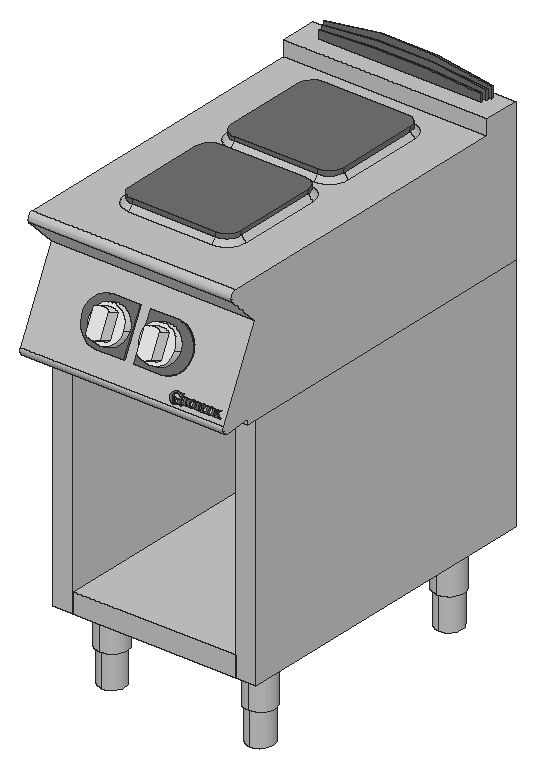
Revit family "QF_GIORIK_CE72QG", category Specialty Equipment, Revit 2014
Parameters (values of type "CE72QG")
  Weight in Pounds = 132.2772
  Watts = 5200 W
  Volts = 400 V
  URL Cutsheet = "www.giorik.com"
  URL = "www.giorik.com"
  Status [instance] = ""
  Specification by User [instance] = ""
  Specification by Manufacturer = ""
  Show Logo [instance] = yes
  Show Clearance [instance] = yes
  Serial Number = ""
  Seismic Rating = ""
  SMACNA No = ""
  Revision Code [instance] = ""
  Phase = 3
  Number of Poles [instance] = 3
  NAFEM Spec ID Number = ""
  Model = "CE72QG"
  Min Ckt Ampacity = 0 A
  Max Overcurrent Protection = 0 A
  Masterspec = ""
  Manufacturer = "GIORIK"
  Item Number [instance] = ""
  Installed By [instance] = ""
  Identify Quantity as Lot [instance] = no
  HP = "6.973304000000"
  Furnished By [instance] = ""
  Foodservice Equipment Identifier [instance] = yes
  FL Amps = 0 A
  Electrical Remarks [instance] = ""
  Electric Connection Type [instance] = ""
  Elec Conn RI Height [instance] = 0 mm
  Elec Conn Connection Height [instance] = 150 mm
  Description = "2 ELECTRIC SQUARE PLATE HOB ON OPEN BASE UNIT"
  Cycle = 50 Hz
  Conn Plug = ""
  CSI MasterFormat = ""
  Assembly Code = "E1090320"
  Apparent Power = 5200 VA
Reference planes
  plane 1 "Back": y = 0
  plane 2: z = 0
  plane 3 "Left": x = 0
  plane 4 "Right": x = 400
  plane 5 "Front": y = -720
  plane 6 "Top": z = 900
Forms (mm)
  Extrusion 1, solid, visible <- "Show Logo"
    sketch origin (196.604, -736.761, 609.486) x (-1, 0, 0) y (0, 0.452718, 0.891654)
      loop
        line (-118.824, 58.358) -> (-127.804, 58.358) -> (-125.523, 56.445) -> (-125.523, 48.027) -> (-127.804, 46.113) -> (-118.824, 46.113) -> (-121.105, 48.027) -> (-121.105, 56.445) -> (-118.824, 58.358)
      loop
        line (-163.721, 58.358) -> (-172.7, 58.358) -> (-170.42, 56.445) -> (-170.42, 48.027) -> (-172.7, 46.113) -> (-163.721, 46.113) -> (-166.001, 48.027) -> (-166.001, 56.445) -> (-163.721, 58.358)
      loop
        line (-174.332, 58.358) -> (-183.312, 58.358) -> (-181.031, 56.445) -> (-181.031, 52.435) -> (-186.419, 56.955) -> (-184.416, 58.358) -> (-191.268, 58.358) -> (-188.01, 56.839) -> (-185.455, 54.283) -> (-190.846, 47.858) -> (-193.396, 46.93) -> (-193.396, 46.113) -> (-184.416, 46.113) -> (-185.437, 47.571) -> (-182.443, 51.552) -> (-181.031, 50.894) -> (-181.031, 48.027) -> (-183.312, 46.113) -> (-174.332, 46.113) -> (-176.613, 48.027) -> (-176.613, 56.445) -> (-174.332, 58.358)
      loop
        line (-115.429, 62.063) -> (-115.429, 54.198)
        arc (-115.429, 54.198) -> (-111.618, 57.803) -> (-106.847, 59.986) r 16.039
        arc (-106.847, 59.986) -> (-103.314, 59.837) -> (-100.512, 57.68) r 5.851
        arc (-100.512, 57.68) -> (-98.815, 52.267) -> (-100.512, 46.853) r 9.479
        arc (-100.512, 46.853) -> (-102.406, 44.986) -> (-104.846, 43.93) r 7.236
        arc (-104.846, 43.93) -> (-107.728, 44.111) -> (-110.052, 45.825) r 5.11
        line (-110.052, 45.825) -> (-110.052, 52.001) -> (-116.141, 52.001) -> (-116.141, 45.503) -> (-117.893, 43.751) -> (-114.094, 44.769)
        arc (-114.094, 44.769) -> (-112.56, 44.947) -> (-111.129, 44.366) r 3.115
        arc (-111.129, 44.366) -> (-104.216, 42.091) -> (-97.303, 44.366) r 11.641
        arc (-97.303, 44.366) -> (-93.396, 52.107) -> (-97.303, 59.849) r 9.622
        arc (-97.303, 59.849) -> (-104.369, 62.174) -> (-111.435, 59.849) r 11.898
        line (-111.435, 59.849) -> (-115.429, 62.063)
      loop
        arc (-129.234, 56.068) -> (-135.893, 58.628) -> (-142.552, 56.068) r 9.941
        arc (-142.552, 56.068) -> (-144.234, 52.286) -> (-142.552, 48.505) r 5.093
        arc (-142.552, 48.505) -> (-135.893, 45.945) -> (-129.234, 48.505) r 9.941
        arc (-129.234, 48.505) -> (-127.552, 52.286) -> (-129.234, 56.068) r 5.093
      loop
        arc (-132.628, 54.403) -> (-135.893, 57.668) -> (-139.158, 54.403) r 3.265
        line (-139.158, 54.403) -> (-139.158, 50.169)
        arc (-139.158, 50.169) -> (-135.893, 46.904) -> (-132.628, 50.169) r 3.265
        line (-132.628, 50.169) -> (-132.628, 54.403)
      loop
        arc (-156.363, 58.365) -> (-159.647, 55.081) -> (-156.363, 51.796) r 3.285
        line (-156.363, 51.796) -> (-159.529, 47.306) -> (-162.087, 46.113) -> (-155.847, 46.113) -> (-153.529, 51.083) -> (-150.637, 51.083) -> (-150.637, 47.784) -> (-153.022, 46.113) -> (-144.011, 46.113) -> (-146.094, 47.68) -> (-146.094, 56.493) -> (-144.229, 58.365) -> (-156.363, 58.365)
      loop
        line (-150.637, 57.512) -> (-153.637, 57.512)
        arc (-153.637, 57.512) -> (-156.237, 54.912) -> (-153.637, 52.312) r 2.6
        line (-153.637, 52.312) -> (-150.637, 52.312) -> (-150.637, 57.512)
      loop
        line (-108.924, 52.001) -> (-104.936, 49.005) -> (-100.948, 52.001) -> (-108.924, 52.001)
    from 1.5 to -0.5
  Extrusion 2, solid
    sketch origin (-16, 1025.81, 0) x (1, 0, 0) y (0, 1, 0)
      loop
        line (25, -1086.81) -> (25, -1156.81) -> (115, -1156.81) -> (115, -1086.81) -> (25, -1086.81)
    from 148 to 150
  Extrusion 3, solid
    sketch origin (-4, 0, 130) x (1, 0, 0) y (0, 1, 0)
      loop
        circle (54, -385) r 12.5
    from 0 to 20
  Extrusion 4, solid
    sketch origin (0, 1000, -20) x (0, 1, 0) y (0, 0, 1)
      loop
        line (-1000, 919.988) -> (-1070, 919.988) -> (-1070, 889.988) -> (-1688.806, 889.988)
        arc (-1688.806, 889.988) -> (-1699.151, 883.075) -> (-1696.724, 870.873) r 11.197
        line (-1696.724, 870.873) -> (-1640.876, 815.025) -> (-1718.948, 661.258)
        arc (-1718.948, 661.258) -> (-1718.233, 650.105) -> (-1708.118, 645.354) r 10.981
        line (-1708.118, 645.354) -> (-1660, 649.925) -> (-1660, 640) -> (-1000, 640) -> (-1000, 919.988)
    from 0 to 400
  Extrusion 5, solid
    sketch origin (0, 0, 599.536) x (1, 0, 0) y (0, 1, 0)
      loop
        line (0, -640) -> (40, -640) -> (40, -40) -> (360, -40) -> (360, -640) -> (400, -640) -> (400, 0) -> (0, 0) -> (0, -640)
    from -449.536 to 20.464
  Extrusion 6, solid
    sketch origin (0, 0, 0) x (1, 0, 0) y (0, 1, 0)
      loop
        line (40, -40) -> (40, -640) -> (360, -640) -> (360, -40) -> (40, -40)
    from 150 to 190
  Extrusion 7, solid
    sketch origin (-16, 560.81, 0) x (1, 0, 0) y (0, 1, 0)
      loop
        line (25, -1086.81) -> (25, -1156.81) -> (115, -1156.81) -> (115, -1086.81) -> (25, -1086.81)
    from 148 to 150
  Revolve 8, solid
    sketch origin (54, 560.81, 0) x (0, 1, 0) y (0, 0, 1)
      loop
        line (-1092.56, 66) -> (-1092.56, 148) -> (-1121.81, 148) -> (-1121.81, 0) -> (-1096.81, 0) -> (-1096.81, 66) -> (-1092.56, 66)
      axis (-1121.81, 0) -> (-1121.81, 148)
    angle from 0 to 360
  Revolve 9, solid
    sketch origin (54, 1025.81, 0) x (0, 1, 0) y (0, 0, 1)
      loop
        line (-1092.56, 66) -> (-1092.56, 148) -> (-1121.81, 148) -> (-1121.81, 0) -> (-1096.81, 0) -> (-1096.81, 66) -> (-1092.56, 66)
      axis (-1121.81, 0) -> (-1121.81, 148)
    angle from 0 to 360
  Extrusion 10, solid
    sketch origin (416, 560.81, 0) x (-1, 0, 0) y (0, -1, 0)
      loop
        line (25, 1086.81) -> (115, 1086.81) -> (115, 1156.81) -> (25, 1156.81) -> (25, 1086.81)
    from 148 to 150
  Revolve 11, solid
    sketch origin (346, 560.81, 0) x (0, 1, 0) y (0, 0, -1)
      loop
        line (-1092.56, -66) -> (-1096.81, -66) -> (-1096.81, 0) -> (-1121.81, 0) -> (-1121.81, -148) -> (-1092.56, -148) -> (-1092.56, -66)
      axis (-1121.81, 0) -> (-1121.81, -148)
    angle from 0 to 360
  Extrusion 12, solid
    sketch origin (416, -1217.81, 0) x (-1, 0, 0) y (0, -1, 0)
      loop
        line (25, -1086.81) -> (25, -1156.81) -> (115, -1156.81) -> (115, -1086.81) -> (25, -1086.81)
    from 148 to 150
  Revolve 13, solid
    sketch origin (346, -1217.81, 0) x (0, -1, 0) y (0, 0, 1)
      loop
        line (-1092.56, 66) -> (-1092.56, 148) -> (-1121.81, 148) -> (-1121.81, 0) -> (-1096.81, 0) -> (-1096.81, 66) -> (-1092.56, 66)
      axis (-1121.81, 0) -> (-1121.81, 148)
    angle from 0 to 360
  Extrusion 14, solid
    sketch origin (-273.221, -963.345, 52.363) x (1, 0, 0) y (0, 0.452718, 0.891654)
      loop
        line (463.221, 676.25) -> (463.221, 766.25) -> (409.698, 766.25)
        arc (409.698, 766.25) -> (364.698, 721.25) -> (409.698, 676.25) r 45
        line (409.698, 676.25) -> (463.221, 676.25)
    from 48 to 50
  Extrusion 15, solid
    sketch origin (501.331, -1008.697, 74.959) x (-1, 0, 0) y (0, -0.45351, -0.891251)
      loop
        circle (351.331, -721.346) r 35
    from 0 to 15
  Extrusion 16, solid
    sketch origin (501.331, -1008.697, 74.959) x (-1, 0, 0) y (0, -0.45351, -0.891251)
      loop
        arc (336.331, -743.846) -> (351.331, -748.846) -> (366.331, -743.846) r 25
        line (366.331, -743.846) -> (366.331, -698.846)
        arc (366.331, -698.846) -> (351.331, -693.846) -> (336.331, -698.846) r 25
        line (336.331, -698.846) -> (336.331, -743.846)
    from 15 to 40
  Extrusion 17, solid
    sketch origin (-94, 0, -10.001) x (1, 0, 0) y (0, 0, 1)
      loop
        line (135, 909.989) -> (453, 909.989) -> (453, 925.527) -> (347.056, 931.749) -> (240.944, 931.749) -> (135, 925.527) -> (135, 909.989)
    from 32 to 35
  Extrusion 18, solid
    sketch origin (-92, 10, -10.001) x (1, 0, 0) y (0, 0, 1)
      loop
        line (454, 909.989) -> (454, 928.527) -> (346.162, 939.193) -> (237.838, 939.193) -> (130, 928.527) -> (130, 909.989) -> (454, 909.989)
    from 32 to 35
  Extrusion 19, solid
    sketch origin (-90, 20, -10.001) x (1, 0, 0) y (0, 0, 1)
      loop
        line (455, 909.989) -> (455, 930.527) -> (345.396, 947.413) -> (234.604, 947.413) -> (125, 930.527) -> (125, 909.989) -> (455, 909.989)
    from 32 to 35
  Extrusion 20, solid
    sketch origin (673.255, -963.345, 52.363) x (-1, 0, 0) y (0, -0.452718, -0.891654)
      loop
        line (463.221, -676.25) -> (409.698, -676.25)
        arc (409.698, -676.25) -> (364.698, -721.25) -> (409.698, -766.25) r 45
        line (409.698, -766.25) -> (463.221, -766.25) -> (463.221, -676.25)
    from 48 to 50
  Extrusion 21, solid
    sketch origin (-101.297, -1008.697, 74.959) x (1, 0, 0) y (0, 0.45351, 0.891251)
      loop
        circle (351.331, 721.346) r 35
    from 0 to 15
  Extrusion 22, solid
    sketch origin (-101.297, -1008.697, 74.959) x (1, 0, 0) y (0, 0.45351, 0.891251)
      loop
        line (336.331, 743.846) -> (336.331, 698.846)
        arc (336.331, 698.846) -> (351.331, 693.846) -> (366.331, 698.846) r 25
        line (366.331, 698.846) -> (366.331, 743.846)
        arc (366.331, 743.846) -> (351.331, 748.846) -> (336.331, 743.846) r 25
    from 15 to 40
  Extrusion 23, solid
    sketch origin (10, 2.5, 864.988) x (0, 1, 0) y (-1, 0, 0)
      loop
        arc (-121.5, -108) -> (-129.701, -88.201) -> (-149.5, -80) r 28
        line (-149.5, -80) -> (-313.5, -80)
        arc (-313.5, -80) -> (-333.299, -88.201) -> (-341.5, -108) r 28
        line (-341.5, -108) -> (-341.5, -271.998)
        arc (-341.5, -271.998) -> (-333.299, -291.797) -> (-313.5, -299.998) r 28
        line (-313.5, -299.998) -> (-149.5, -299.998)
        arc (-149.5, -299.998) -> (-129.701, -291.797) -> (-121.5, -271.998) r 28
        line (-121.5, -271.998) -> (-121.5, -108)
    from 23 to 15
  Blend 24, solid
    base sketch origin (754.36, -820.004, 869.988) x (0, 1, 0) y (-1, 0, 0)
      loop
        arc (710.004, 636.36) -> (699.167, 662.523) -> (673.004, 673.36) r 37
        line (673.004, 673.36) -> (509.004, 673.36)
        arc (509.004, 673.36) -> (482.841, 662.523) -> (472.004, 636.36) r 37
        line (472.004, 636.36) -> (472.004, 472.362)
        arc (472.004, 472.362) -> (482.841, 446.199) -> (509.004, 435.362) r 37
        line (509.004, 435.362) -> (673.004, 435.362)
        arc (673.004, 435.362) -> (699.167, 446.199) -> (710.004, 472.362) r 37
        line (710.004, 472.362) -> (710.004, 636.36)
    top sketch origin (754.36, -820.004, 900) x (0, 1, 0) y (-1, 0, 0)
      loop
        arc (701.004, 636.36) -> (692.803, 656.159) -> (673.004, 664.36) r 28
        line (673.004, 664.36) -> (509.004, 664.36)
        arc (509.004, 664.36) -> (489.205, 656.159) -> (481.004, 636.36) r 28
        line (481.004, 636.36) -> (481.004, 472.362)
        arc (481.004, 472.362) -> (489.205, 452.563) -> (509.004, 444.362) r 28
        line (509.004, 444.362) -> (673.004, 444.362)
        arc (673.004, 444.362) -> (692.803, 452.563) -> (701.004, 472.362) r 28
        line (701.004, 472.362) -> (701.004, 636.36)
    from 0 to -20.012
  Extrusion 25, solid
    sketch origin (10, -712.5, 864.988) x (0, -1, 0) y (1, 0, 0)
      loop
        line (-121.5, 108) -> (-121.5, 271.998)
        arc (-121.5, 271.998) -> (-129.701, 291.797) -> (-149.5, 299.998) r 28
        line (-149.5, 299.998) -> (-313.5, 299.998)
        arc (-313.5, 299.998) -> (-333.299, 291.797) -> (-341.5, 271.998) r 28
        line (-341.5, 271.998) -> (-341.5, 108)
        arc (-341.5, 108) -> (-333.299, 88.201) -> (-313.5, 80) r 28
        line (-313.5, 80) -> (-149.5, 80)
        arc (-149.5, 80) -> (-129.701, 88.201) -> (-121.5, 108) r 28
    from 23 to 15
  Blend 26, solid
    base sketch origin (754.36, 110.004, 869.988) x (0, -1, 0) y (1, 0, 0)
      loop
        line (710.004, -636.36) -> (710.004, -472.362)
        arc (710.004, -472.362) -> (699.167, -446.199) -> (673.004, -435.362) r 37
        line (673.004, -435.362) -> (509.004, -435.362)
        arc (509.004, -435.362) -> (482.841, -446.199) -> (472.004, -472.362) r 37
        line (472.004, -472.362) -> (472.004, -636.36)
        arc (472.004, -636.36) -> (482.841, -662.523) -> (509.004, -673.36) r 37
        line (509.004, -673.36) -> (673.004, -673.36)
        arc (673.004, -673.36) -> (699.167, -662.523) -> (710.004, -636.36) r 37
    top sketch origin (754.36, 110.004, 900) x (0, -1, 0) y (1, 0, 0)
      loop
        line (701.004, -636.36) -> (701.004, -472.362)
        arc (701.004, -472.362) -> (692.803, -452.563) -> (673.004, -444.362) r 28
        line (673.004, -444.362) -> (509.004, -444.362)
        arc (509.004, -444.362) -> (489.205, -452.563) -> (481.004, -472.362) r 28
        line (481.004, -472.362) -> (481.004, -636.36)
        arc (481.004, -636.36) -> (489.205, -656.159) -> (509.004, -664.36) r 28
        line (509.004, -664.36) -> (673.004, -664.36)
        arc (673.004, -664.36) -> (692.803, -656.159) -> (701.004, -636.36) r 28
    from 0 to -20.012
Lines and regions (mm)
  symbolic lines, style "200-EquipBorder-2D"
    curve 1: line (0, -720, 0) -> (400, -720, 0)
    curve 2: line (400, -720, 0) -> (400, 0, 0)
    curve 3: line (400, 0, 0) -> (0, 0, 0)
    curve 4: line (0, 0, 0) -> (0, -720, 0)
  symbolic lines, style "200-EquipInternal-2D"
    curve 5: line (0, -70, 900) -> (400, -70, 900)
    curve 6: line (35, -12, 900) -> (365, -12, 900)
    curve 7: line (365, -12, 900) -> (365, -15, 900)
    curve 8: line (365, -15, 900) -> (35, -15, 900)
    curve 9: line (35, -15, 900) -> (35, -12, 900)
    curve 10: line (38, -22, 900) -> (362, -22, 900)
    curve 11: line (362, -22, 900) -> (362, -25, 900)
    curve 12: line (362, -25, 900) -> (38, -25, 900)
    curve 13: line (38, -25, 900) -> (38, -22, 900)
    curve 14: line (41, -32, 900) -> (359, -32, 900)
    curve 15: line (359, -32, 900) -> (359, -35, 900)
    curve 16: line (359, -35, 900) -> (41, -35, 900)
    curve 17: line (41, -35, 900) -> (41, -32, 900)
    curve 18: line (281.998, -119, 0) -> (118, -119, 0)
    curve 19: arc (309.998, -147, 0) -> (301.797, -127.201, 0) -> (281.998, -119, 0) r 28
    curve 20: line (309.998, -311, 0) -> (309.998, -147, 0)
    curve 21: arc (281.998, -339, 0) -> (301.797, -330.799, 0) -> (309.998, -311, 0) r 28
    curve 22: line (118, -339, 0) -> (281.998, -339, 0)
    curve 23: arc (90, -311, 0) -> (98.201, -330.799, 0) -> (118, -339, 0) r 28
    curve 24: line (90, -147, 0) -> (90, -311, 0)
    curve 25: arc (118, -119, 0) -> (98.201, -127.201, 0) -> (90, -147, 0) r 28
    curve 26: arc (118, -110, 0) -> (91.837, -120.837, 0) -> (81, -147, 0) r 37
    curve 27: line (281.998, -110, 0) -> (118, -110, 0)
    curve 28: arc (318.998, -147, 0) -> (308.161, -120.837, 0) -> (281.998, -110, 0) r 37
    curve 29: line (318.998, -311, 0) -> (318.998, -147, 0)
    curve 30: arc (281.998, -348, 0) -> (308.161, -337.163, 0) -> (318.998, -311, 0) r 37
    curve 31: line (118, -348, 0) -> (281.998, -348, 0)
    curve 32: arc (81, -311, 0) -> (91.837, -337.163, 0) -> (118, -348, 0) r 37
    curve 33: line (81, -147, 0) -> (81, -311, 0)
    curve 34: line (281.998, -591, 0) -> (118, -591, 0)
    curve 35: arc (309.998, -563, 0) -> (301.797, -582.799, 0) -> (281.998, -591, 0) r 28
    curve 36: line (309.998, -399, 0) -> (309.998, -563, 0)
    curve 37: arc (281.998, -371, 0) -> (301.797, -379.201, 0) -> (309.998, -399, 0) r 28
    curve 38: line (118, -371, 0) -> (281.998, -371, 0)
    curve 39: arc (90, -399, 0) -> (98.201, -379.201, 0) -> (118, -371, 0) r 28
    curve 40: line (90, -563, 0) -> (90, -399, 0)
    curve 41: arc (118, -591, 0) -> (98.201, -582.799, 0) -> (90, -563, 0) r 28
    curve 42: arc (118, -600, 0) -> (91.837, -589.163, 0) -> (81, -563, 0) r 37
    curve 43: line (281.998, -600, 0) -> (118, -600, 0)
    curve 44: arc (318.998, -563, 0) -> (308.161, -589.163, 0) -> (281.998, -600, 0) r 37
    curve 45: line (318.998, -399, 0) -> (318.998, -563, 0)
    curve 46: arc (281.998, -362, 0) -> (308.161, -372.837, 0) -> (318.998, -399, 0) r 37
    curve 47: line (118, -362, 0) -> (281.998, -362, 0)
    curve 48: arc (81, -399, 0) -> (91.837, -372.837, 0) -> (118, -362, 0) r 37
    curve 49: line (81, -563, 0) -> (81, -399, 0)
Dimensions and locks
  plane 3 "Left" to plane 4 "Right" = 400 mm
  plane 5 "Front" to plane 1 "Back" = 720 mm
  plane 4 "Right" to plane 3 "Left" = 400 mm
  plane 1 "Back" to plane 5 "Front" = 720 mm
  plane 6 "Top" to level = 900 mm  (x2)
  aligned and locked: level to plane 2
Connectors
  electrical at (50, -385, 130), driven by "Apparent Power", driven by "Volts", driven by "Number of Poles"
    settings: on Extrusion 3, index 1, voltage 400 V, apparent load 0 VA, apparent load phase1 5200 VA, apparent load phase2 0 VA, apparent load phase3 0 VA, power factor 1, load classification "Other", number of poles 3, system type 31, power factor state 1, is connector primary yes, connector utility no, sub classification motor no, connector description "Electrical connection"
